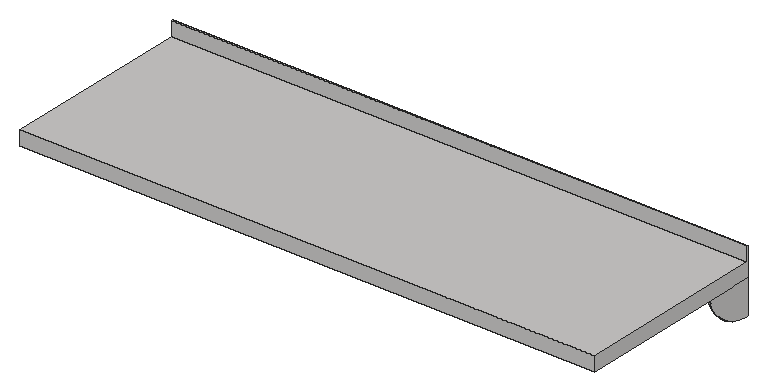
Revit family "QF_ZANUSSI_132824_WSS124N", category Attrezzature speciali, Revit 2020
Family settings
  Quota connettore circolare = Usa diametro
  Tipo di parte = Normale
  Basato su piano di lavoro = No
  Sempre verticale = Sì
  Taglio con vuoti quando caricato = No
  Condiviso = No
  Punto di calcolo locali = No
Parameters (values of type "Standard")
  Weight = 5.00 kg
  Watts = 0 W
  Volts = 0 V
  URL Manufacturer = "http://www.zanussiprofessional.com"
  URL = "http://www.zanussiprofessional.com"
  Steam Supply Size = 0 mm
  Steam Supply Minimum Pressure = 0.0 Pa
  Steam Supply Maximum Pressure = 0.0 Pa
  Steam Consumption per Hour = 0
  Refrigeration Suction Line Size = 0.0 mm
  Refrigeration Liquid Line Size = 0.0 mm
  Refrigerant Compressor Remote = yes
  Prospetto di default = 0.0 mm
  Produttore = "Zanussi"
  Phase = 0
  Modello = "WSS124N"
  Length Actual = 1200.0 mm  # constant formula
  Item Number = "132824"
  Hot Water Size = 0 mm
  Height Actual = 30.0 mm  # constant formula
  HP = "0 HP"
  Gas Size = 0 mm
  Gas KW = 0
  Gas Input Pressure = 0 W
  Direct Waste Size = 0 mm
  Descrizione = "SOLID WALL SHELF WITH BRACKETS 1200 MM"
  Depth Actual = 400.0 mm  # constant formula
  Cycle = 0 Hz
  Condensate Return Size = 0 mm
  Compressed Air Volume = 0.0 L/s
  Compressed Air Size = 0 mm
  Compressed Air Pressure = 0.0 Pa
  Cold Water Size = 0 mm
  Accessory = yes
Reference planes
  plane 1 "Center (Front/Back)": y = 0
  plane 2: z = 0
  plane 3 "Center (Left/Right)": x = -100
  plane 4 "LEFT": x = -700
  plane 5 "RIGHT": x = 500
  plane 6 "BACK": y = 50
  plane 7 "FRONT": y = -350
  plane 8 "TOP": z = 132
  plane 9: z = 102
  plane 10: z = 72
Forms (mm)
  Extrusion 1, solid, material "QF_Finishes_Stainless Steel"
    sketch origin (-100, 0, 0) x (0, 1, 0) y (0, 0, 1)
      loop
        line (48, 102) -> (-350, 102) -> (-350, 72) -> (50, 72) -> (50, 132) -> (48, 132) -> (48, 102)
    from 600 to -600
  Extrusion 2, solid, material "QF_Finishes_Stainless Steel"
    sketch origin (-700, 0, 0) x (0, 1, 0) y (0, 0, 1)
      loop
        line (50, 72) -> (-50, 72)
        arc (-50, 72) -> (-13.401, 19.967) -> (47, 0) r 101.34
        line (47, 0) -> (50, 0) -> (50, 72)
    from 0 to 3
  Extrusion 3, solid, material "QF_Finishes_Stainless Steel"
    sketch origin (500, 0, 0) x (0, 1, 0) y (0, 0, 1)
      loop
        line (50, 72) -> (-50, 72)
        arc (-50, 72) -> (-13.401, 19.967) -> (47, 0) r 101.34
        line (47, 0) -> (50, 0) -> (50, 72)
    from 0 to -3
  Extrusion 4, solid, material "QF_Finishes_Stainless Steel"
    sketch origin (0, 50, 0) x (-1, 0, 0) y (0, 0, 1)
      loop
        line (697, 72) -> (670, 72) -> (670, 0) -> (697, 0) -> (697, 72)
      loop
        arc (678.5, 10) -> (675.5, 7) -> (678.5, 4) r 3
        line (678.5, 4) -> (688.5, 4)
        arc (688.5, 4) -> (691.5, 7) -> (688.5, 10) r 3
        line (688.5, 10) -> (678.5, 10)
    from 0 to -3
  Extrusion 5, solid, material "QF_Finishes_Stainless Steel"
    sketch origin (0, 50, 0) x (1, 0, 0) y (0, 0, -1)
      loop
        line (497, -72) -> (497, 0) -> (470, 0) -> (470, -72) -> (497, -72)
      loop
        line (478.5, -10) -> (488.5, -10)
        arc (488.5, -10) -> (491.5, -7) -> (488.5, -4) r 3
        line (488.5, -4) -> (478.5, -4)
        arc (478.5, -4) -> (475.5, -7) -> (478.5, -10) r 3
    from 0 to -3
Lines and regions (mm)
  symbolic lines
    curve 1: line (500, 50, 132) -> (-700, 50, 132)
    curve 2: line (-700, 50, 132) -> (-700, -350, 132)
    curve 3: line (-700, -350, 132) -> (500, -350, 132)
    curve 4: line (500, -350, 132) -> (500, 50, 132)
    curve 5: line (500, 48, 132) -> (-700, 48, 132)
Dimensions and locks
  plane 4 "LEFT" to plane 5 "RIGHT" = 1200.0 mm
  equal spacing: plane 4 "LEFT", plane 3 "Center (Left/Right)", plane 5 "RIGHT"
  locked: plane 8 "TOP" to level at 132
  plane 6 "BACK" to plane 7 "FRONT" = 400.0 mm
  plane 6 "BACK" to plane 1 "Center (Front/Back)" to plane 7 "FRONT" = 50.0 mm, 350.0 mm
  locked: plane 8 "TOP" to plane 9 at 30
  plane 9 to plane 10 = 30.0 mm
  locked: Extrusion 4 sketch curve to Extrusion 2 at 27
  aligned and locked: level to plane 2
  aligned and locked: Extrusion 1 to plane 4 "LEFT"
  aligned and locked: plane 5 "RIGHT" to Extrusion 1
  aligned and locked: curve 2 to plane 4 "LEFT"
  aligned and locked: Extrusion 1 sketch curve to plane 9
  aligned and locked: Extrusion 4 sketch curve to Extrusion 2
  aligned and locked: Extrusion 4 sketch curve to Extrusion 1
  aligned and locked: Extrusion 4 sketch curve to level
  aligned and locked: plane 6 "BACK" to Extrusion 3 sketch curve
  aligned and locked: Extrusion 3 sketch curve to plane 10
  aligned and locked: Extrusion 3 sketch curve to level
  aligned and locked: plane 6 "BACK" to Extrusion 2 sketch curve
  aligned and locked: Extrusion 2 sketch curve to plane 10
  aligned and locked: Extrusion 2 sketch curve to level
Automatic sketch dimensions
  Extrusion 1 sketch curve to plane 7 "FRONT" = 0.0 mm
  Extrusion 1 sketch curve to plane 8 "TOP" = 0.0 mm
  Extrusion 1 sketch curve to plane 6 "BACK" = 0.0 mm
  Extrusion 1 sketch curve to plane 10 = 0.0 mm
  Extrusion 1 sketch curve to plane 6 "BACK" = 2.0 mm
  Extrusion 2 sketch curve to Extrusion 2 sketch curve = 3.0 mm
  plane 1 "Center (Front/Back)" to Extrusion 2 sketch curve = 50.0 mm
  Extrusion 3 sketch curve to Extrusion 3 sketch curve = 3.0 mm
  plane 1 "Center (Front/Back)" to Extrusion 3 sketch curve = 50.0 mm
  Extrusion 4 sketch curve to Extrusion 4 sketch curve = 8.5 mm
  Extrusion 4 sketch curve to Extrusion 4 sketch curve = 10.0 mm
  level to Extrusion 4 sketch curve = 4.0 mm
  Extrusion 4 sketch curve to Extrusion 4 sketch curve = 3.0 mm
  curve 3 to plane 7 "FRONT" = 0.0 mm
  curve 5 to plane 5 "RIGHT" = 0.0 mm
  curve 4 to plane 6 "BACK" = 0.0 mm
  curve 5 to plane 6 "BACK" = 2.0 mm
  Extrusion 5 sketch curve to plane 10 = 0.0 mm
  Extrusion 5 sketch curve to level = 0.0 mm
  plane 5 "RIGHT" to Extrusion 5 sketch curve = 30.0 mm
  Extrusion 5 sketch curve to Extrusion 5 sketch curve = 8.5 mm
  Extrusion 5 sketch curve to Extrusion 5 sketch curve = 10.0 mm
  plane 5 "RIGHT" to Extrusion 5 sketch curve = 3.0 mm
  Extrusion 5 sketch curve to level = 4.0 mm
  Extrusion 5 sketch curve to Extrusion 5 sketch curve = 3.0 mm
